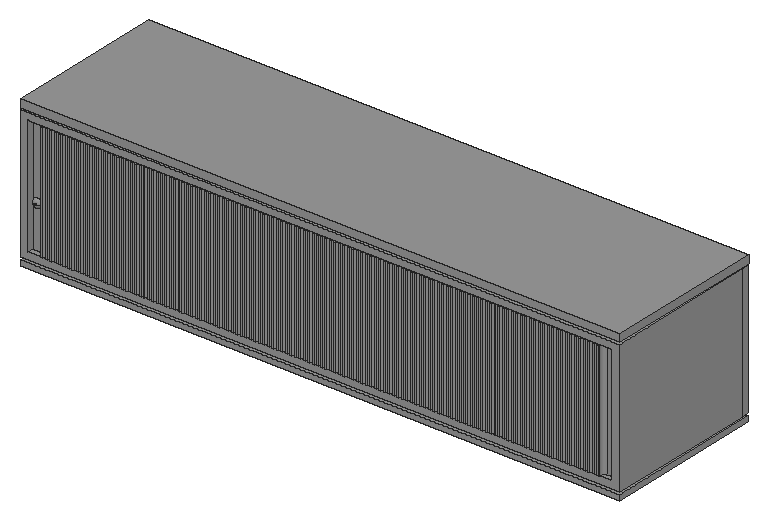
Revit family "Haworth_BeHold-Design_TambourDoorCabinet_TopElement_EU_PRELIMINARY", category Furniture Systems, Revit 2019
Family settings
  Round Connector Dimension = Use Diameter
  Part Type = Normal
  OmniClass Number = 23.40.70.14.64.21
  OmniClass Title = Systems Furniture
  Work Plane-Based = No
  Always vertical = Yes
  Cut with Voids When Loaded = No
  Shared = No
  Room Calculation Point = No
Parameters (values of type "160w 1BH")
  with Cover Plate [instance] = yes
  Width = 160 cm
  Warranty = "http://www.haworth.com/resources/product-info/warranties"
  URL - Product = "https://www.haworth.com/eu/en/products/office-drawers/be-hold.html"
  URL = "https://www.haworth.com/eu/en.html"
  Trim Finish = Haworth _ Polymer _ Undecided
  Top Finish [instance] = Haworth _ Laminate _ Undecided _ Storage
  Size = "Verify Final Dim. w/ Haworth"  # constant formula
  Revision Number = "1"  # constant formula
  Recessed Handle Thickness Right = -0.2 cm  # constant formula
  Recessed Handle Thickness Left = 1.8 cm  # constant formula
  Pull Height = 10 cm  # constant formula
  Pull Finish = Haworth _ Polymer _ Undecided
  Mounting Height [instance] = 40 cm
  Model = "ESDTDAE"  # constant formula
  Min. Width = 80 cm  # constant formula
  Min. Height = 39.2 cm  # constant formula
  Max. Width = 160 cm  # constant formula
  Max. Height = 150.8 cm  # constant formula
  Manufacturer = "Haworth"  # constant formula
  Lock Offset Side = Actual Width / 2 - 7 cm  # 73 cm
  Lock Offset Length = Actual Height / 2  # 19.6 cm
  Height = 39.2 cm
  Glide Finish = Haworth _ Polymer _ Undecided
  Front Finish [instance] = Haworth _ Laminate _ Undecided _ Storage
  Door Width = Actual Width / 2 - 2 cm  # 78 cm
  Door Height = Actual Height - 8 cm  # 31.2 cm
  Description = "Haworth - BeHold Design - Tambour Door Cabinet - Top Element"  # constant formula
  Custom Size = not(or(Width = 91.44 cm, Width = 106.68 cm, Width = 121.92 cm, Width = 137.16 cm, Width = 152.4 cm, Width = 167.64 cm, Width = 182.88 cm))  # yes
  Cabinet Finish [instance] = Haworth _ Laminate _ Undecided _ Storage
  Back Finish [instance] = Haworth _ Laminate _ Undecided _ Storage
  Author = "Haworth (Abd Rahman)"  # constant formula
  Assembly Code = "E2020200"
  Actual Width = if(Width < Min. Width, Min. Width, if(Width > Max. Width, Max. Width, Width))  # 160 cm
  Actual Height = if(Height < Min. Height, Min. Height, if(Height > Max. Height, Max. Height, Height))  # 39.2 cm
  Actual Depth = 43 cm  # constant formula
  4BH = Actual Height = 150.8 cm  # no
  3BH = Actual Height = 113.6 cm  # no
  2BH = Actual Height = 76.4 cm  # no
  1BH = Actual Height = 39.2 cm  # yes
Types (6, lengths in cm): name | Width | Lock Offset Side | Lock Offset Length | Height | Door Width | Door Height | Actual Width | Actual Height | 4BH | 3BH | 2BH | 1BH
  80w 1BH | 80 | 33 | 19.6 | 39.2 | 38 | 31.2 | 80 | 39.2 | no | no | no | yes
  90w 2BH | 90 | 38 | 38.2 | 76.4 | 43 | 68.4 | 90 | 76.4 | no | no | yes | no
  100w 3BH | 100 | 43 | 56.8 | 113.6 | 48 | 105.6 | 100 | 113.6 | no | yes | no | no
  120w 4BH | 120 | 53 | 75.4 | 150.8 | 58 | 142.8 | 120 | 150.8 | yes | no | no | no
  140w 3BH | 140 | 63 | 56.8 | 113.6 | 68 | 105.6 | 140 | 113.6 | no | yes | no | no
  160w 1BH | 160 | 73 | 19.6 | 39.2 | 78 | 31.2 | 160 | 39.2 | no | no | no | yes
Reference planes (cm)
  plane 1: z = 40
  plane 2 "Center L/R": x = -15.6859
  plane 3 "Center F/B": y = -29.21
  plane 4 "Top": z = 79.2
  plane 5 "Back": y = -7.71
  plane 6 "Front": y = -50.71
  plane 7 "Right": x = 64.3141
  plane 8 "Left": x = -95.6859
  plane 9: z = 77.3816
  plane 10: x = 62.3141
  plane 11: x = -93.6859
  plane 12: z = 41.8184
  plane 13: y = -48.71
  plane 14: z = 79.7
  plane 15: y = -9.71
  plane 16: z = 43.8184
  plane 17: z = 45.8184
  plane 18: z = 43.3184
  plane 19: y = -44.4342
  plane 20: x = 54.5804
  plane 21: y = -42.4342
  plane 22: y = -13.9858
  plane 23: y = -15.9858
  plane 24: x = -85.9522
  plane 25: y = -44.74
  plane 26: y = -43.3236
  plane 27: y = -13.68
  plane 28: y = -15.0964
  plane 29: y = -47.5975
  plane 30: x = -93.4859
  plane 31: x = -91.2214
  plane 32: x = -91.0214
  plane 33: y = -47.3975
Forms (cm)
  Extrusion 1, solid, material "Haworth _ Laminate _ Undecided _ Storage" <- "Cabinet Finish"
    sketch origin (0, -29.21, 0) x (1, 0, 0) y (0, 0, 1)
      loop
        line (-95.6859, 79.2) -> (-95.6859, 43.8184) -> (64.3141, 43.8184) -> (64.3141, 79.2) -> (-95.6859, 79.2)
      loop
        line (-93.6859, 77.3816) -> (-93.6859, 45.8184) -> (62.3141, 45.8184) -> (62.3141, 77.3816) -> (-93.6859, 77.3816)
    from -19.5 to 21.5
  Extrusion 2, solid, material "Haworth _ Laminate _ Undecided _ Storage" <- "Cabinet Finish"
    sketch origin (0, -29.21, 0) x (1, 0, 0) y (0, 0, 1)
      loop
        line (-95.6859, 43.3184) -> (-95.6859, 41.8184) -> (64.3141, 41.8184) -> (64.3141, 43.3184) -> (-95.6859, 43.3184)
    from -21.5 to 21.5
  Extrusion 3, solid, material "Haworth _ Polymer _ Undecided" <- "Glide Finish"
    sketch origin (0, 0, 0) x (1, 0, 0) y (0, 1, 0)
      loop
        arc (53.0804, -42.4342) -> (54.5804, -46.9342) -> (56.0804, -42.4342) r 2.5
        line (56.0804, -42.4342) -> (53.0804, -42.4342)
      loop
        line (53.0804, -15.9858) -> (56.0804, -15.9858)
        arc (56.0804, -15.9858) -> (54.5804, -11.4858) -> (53.0804, -15.9858) r 2.5
      loop
        line (-84.4522, -42.4342) -> (-87.4522, -42.4342)
        arc (-87.4522, -42.4342) -> (-85.9522, -46.9342) -> (-84.4522, -42.4342) r 2.5
      loop
        arc (-84.4522, -15.9858) -> (-85.9522, -11.4858) -> (-87.4522, -15.9858) r 2.5
        line (-87.4522, -15.9858) -> (-84.4522, -15.9858)
    from 40 to 41.8184
  Extrusion 4, solid, material "Haworth _ Laminate _ Undecided _ Storage" <- "Back Finish"
    sketch origin (0, -29.21, 0) x (1, 0, 0) y (0, 0, 1)
      loop
        line (64.3141, 79.2) -> (-95.6859, 79.2) -> (-95.6859, 43.8184) -> (64.3141, 43.8184) -> (64.3141, 79.2)
    from -21.5 to -19.5
  Extrusion 5, solid, material "Haworth _ Polymer _ Undecided" <- "Glide Finish"
    sketch origin (0, 0, 0) x (1, 0, 0) y (0, 1, 0)
      loop
        line (-93.6859, -44.74) -> (62.3141, -44.74) -> (62.3141, -43.3236) -> (-93.6859, -43.3236) -> (-93.6859, -44.74)
      loop
        line (-93.6859, -13.68) -> (-93.6859, -15.0964) -> (62.3141, -15.0964) -> (62.3141, -13.68) -> (-93.6859, -13.68)
    from 43.3184 to 43.8184
  Extrusion 6, solid, material "Haworth _ Polymer _ Undecided" <- "Pull Finish"
    sketch origin (0, 0, 0) x (1, 0, 0) y (0, 1, 0)
      loop
        line (-93.4859, -48.71) -> (-93.4859, -47.5975) -> (-91.2214, -47.5975) -> (-91.2214, -48.71) -> (-91.0214, -48.71) -> (-91.0214, -47.3975) -> (-93.6859, -47.3975) -> (-93.6859, -48.71) -> (-93.4859, -48.71)
    from 45.8184 to 77.3816
Lines and regions (cm)
  Masking region 1
    outline origin (0, 0, 0) x (1, 0, 0) y (0, 1, 0)
      loop
        line (-95.6859, -7.71) -> (-95.6859, -50.71) -> (64.3141, -50.71) -> (64.3141, -7.71) -> (-95.6859, -7.71)
Dimensions and locks (cm)
  equal spacing: plane 8 "Left", plane 2 "Center L/R", plane 7 "Right"
  "Actual Width": plane 8 "Left" to plane 7 "Right"
  equal spacing: plane 5 "Back", plane 3 "Center F/B", plane 6 "Front"
  "Actual Depth": plane 5 "Back" to plane 6 "Front"
  locked: plane 10 to plane 7 "Right" at 2
  locked: plane 8 "Left" to plane 11 at 2
  locked: plane 4 "Top" to plane 9 at 1.8184
  locked: plane 12 to plane 1 at 1.8184
  "Actual Height": plane 4 "Top" to plane 1
  "Mounting Height": plane 1 to level
  locked: plane 6 "Front" to plane 13 at 2
  locked: plane 14 to plane 4 "Top" at 0.5
  locked: plane 15 to plane 5 "Back" at 2
  locked: plane 16 to plane 12 at 2
  locked: plane 17 to plane 16 at 2
  locked: plane 16 to plane 18 at 0.5
  plane 21 to plane 19 to plane 6 "Front" = 2 cm locked, 6.2758 cm locked
  locked: plane 20 to plane 7 "Right" at 9.7337
  locked: plane 23 to plane 22 at 2
  locked: plane 22 to plane 5 "Back" at 6.2758
  locked: plane 8 "Left" to plane 24 at 9.7337
  plane 6 "Front" to plane 25 to plane 26 = 5.97 cm locked, 1.4164 cm locked
  locked: plane 27 to plane 28 at 1.4164
  locked: plane 5 "Back" to plane 27 at 5.97
  plane 8 "Left" to plane 30 to plane 31 to plane 32 = 2.2 cm locked, 2.2645 cm locked, 0.2 cm locked
  plane 6 "Front" to plane 29 to plane 33 = 3.1125 cm locked, 0.2 cm locked
  radius of Extrusion 3 sketch curve = 2.5 cm  (x4)
  aligned and locked: plane 7 "Right" to Masking region 1
  aligned and locked: plane 5 "Back" to Masking region 1
  aligned and locked: Masking region 1 to plane 6 "Front"
  aligned and locked: Masking region 1 to plane 8 "Left"
  aligned and locked: plane 6 "Front" to nested 1
  aligned and locked: plane 3 "Center F/B" to nested 2
  aligned and locked: plane 2 "Center L/R" to nested 2
  aligned and locked: nested 2 to plane 14
  aligned and locked: plane 8 "Left" to Extrusion 1 sketch curve
  aligned and locked: Extrusion 1 sketch curve to plane 7 "Right"
  aligned and locked: Extrusion 1 sketch curve to plane 4 "Top"
  aligned and locked: plane 10 to Extrusion 1 sketch curve
  aligned and locked: Extrusion 1 sketch curve to plane 9
  aligned and locked: Extrusion 1 sketch curve to plane 11
  aligned and locked: Extrusion 1 to plane 16
  aligned and locked: Extrusion 2 sketch curve to plane 7 "Right"
  aligned and locked: plane 8 "Left" to Extrusion 2 sketch curve
  aligned and locked: Extrusion 2 to plane 12
  aligned and locked: plane 5 "Back" to Extrusion 2
  aligned and locked: Extrusion 2 to plane 6 "Front"
  aligned and locked: plane 19 to Extrusion 3 sketch curve  (x2)
  aligned and locked: plane 20 to Extrusion 3 sketch curve  (x2)
  aligned and locked: plane 22 to Extrusion 3 sketch curve
  aligned and locked: plane 24 to Extrusion 3 sketch curve  (x2)
  aligned and locked: plane 23 to Extrusion 3 sketch curve  (x2)
  aligned and locked: Extrusion 3 sketch curve to plane 22
  aligned and locked: plane 21 to Extrusion 3 sketch curve
  aligned and locked: Extrusion 3 sketch curve to plane 21
  aligned and locked: Extrusion 3 to plane 1
  aligned and locked: plane 12 to Extrusion 3
  aligned and locked: Extrusion 1 to plane 15
  aligned and locked: Extrusion 4 sketch curve to plane 7 "Right"
  aligned and locked: plane 8 "Left" to Extrusion 4 sketch curve
  aligned and locked: Extrusion 4 sketch curve to plane 16
  aligned and locked: Extrusion 4 sketch curve to plane 4 "Top"
  aligned and locked: plane 5 "Back" to Extrusion 4
  aligned and locked: plane 15 to Extrusion 4
  aligned and locked: Extrusion 5 sketch curve to plane 26
  aligned and locked: Extrusion 5 sketch curve to plane 25
  aligned and locked: Extrusion 5 sketch curve to plane 27
  aligned and locked: Extrusion 5 sketch curve to plane 28
  aligned and locked: Extrusion 5 to plane 18
  aligned and locked: plane 16 to Extrusion 5
  aligned and locked: plane 10 to Extrusion 5 sketch curve
  aligned and locked: Extrusion 5 sketch curve to plane 10
  aligned and locked: Extrusion 5 sketch curve to plane 11
  aligned and locked: plane 11 to Extrusion 5 sketch curve
  aligned and locked: Extrusion 6 sketch curve to plane 30
  aligned and locked: Extrusion 6 sketch curve to plane 29
  aligned and locked: plane 31 to Extrusion 6 sketch curve
  aligned and locked: plane 32 to Extrusion 6 sketch curve
  aligned and locked: Extrusion 6 sketch curve to plane 11
  aligned and locked: Extrusion 6 to plane 17
  aligned and locked: plane 13 to Extrusion 6 sketch curve
  aligned and locked: Extrusion 6 sketch curve to plane 13
  aligned and locked: Extrusion 6 sketch curve to plane 33
  aligned and locked: plane 9 to Extrusion 6
  aligned and locked: Extrusion 1 to plane 6 "Front"
  aligned and locked: plane 17 to nested 1
  aligned and locked: nested 1 to plane 11
  aligned and locked: nested 3 to plane 10
  aligned and locked: nested 3 to plane 17
  aligned and locked: nested 3 to plane 6 "Front"
Automatic sketch dimensions
  Masking region 1 sketch curve to plane 6 "Front" = 0 cm
  Masking region 1 sketch curve to plane 8 "Left" = 0 cm
  Masking region 1 sketch curve to plane 7 "Right" = 0 cm
  Masking region 1 sketch curve to plane 5 "Back" = 0 cm
  Extrusion 1 sketch curve to plane 16 = 0 cm
  Extrusion 1 sketch curve to plane 17 = 0 cm
  Extrusion 2 sketch curve to plane 12 = 0 cm
  Extrusion 2 sketch curve to plane 18 = 0 cm
Nested families (cm)
  nested 1: "Haworth_MSeries_Door_Tambour-PART" at (-54.6859, -47.8217, 45.8184), type "Haworth_Drawer"
    with Lock Offset Top 19.6 cm, Drawer Height 31.2 cm
  nested 2: "Haworth_BeHold_CoverPlate_Top-PART" at (0, 0, -170.3), visible <- "with Cover Plate", Top Finish <- "Top Finish", type "Cover Plate"
    with Top Finish Haworth _ Laminate _ Undecided _ Storage, Actual Width 160 cm, Actual Mounting Height 250 cm, Actual Depth 43 cm
  nested 3: "Haworth_MSeries_Door_Tambour-PART" at (23.3141, -47.8217, 45.8184) x (-1, 0, 0) z (0, 0, 1), type "Haworth_Drawer"
    with With Lock no, Lock Offset Top 19.6 cm, Drawer Height 31.2 cm
Definition of nested family "Haworth_MSeries_Door_Tambour-PART"
  Parameters (values of type "Haworth_Drawer")
    With Lock [instance] = yes
    Warranty = "http://www.haworth.com/resources/product-info/warranties"
    URL - Product = ""
    URL = "www.haworth.com"
    Trim Finish = none
    Revision Number = "1"  # constant formula
    Pull Finish = none
    Note = "Verify Final Dim. w/ Haworth"  # constant formula
    Model = "Haworth Be_Hold"  # constant formula
    Manufacturer = "Haworth"  # constant formula
    Lock Offset Top = 58.15 cm
    Lock Offset Side = 1.5 cm  # constant formula
    Front Recess = no
    Front Finish = none
    Front Edge Finish = none
    Drawer Width = 78 cm
    Drawer Height = 116.3 cm
    Description = "Haworth - Be_Hold - Drawer"
    Author = "Haworth (Alias)"  # constant formula
    Assembly Code = ""
  Reference planes (cm)
    plane 1 "Drawer Back": y = -0.6658
    plane 2: z = 0
    plane 3 "Center L/R": x = 0
    plane 4 "Drawer Front": y = -2.8883
    plane 5 "Left": x = -39
    plane 6 "Right": x = 39
    plane 7 "Top": z = 116.3
    plane 8 "Hardware Start": y = -0.9833
    plane 9 "Lock Horizontal": z = 58.15
    plane 10 "2": z = 60.3725
    plane 11: y = -1.7771
    plane 12 "3": x = -37.5
  Forms (cm)
    Revolve 1, solid, material <- "Trim Finish", visible <- "With Lock"
      sketch origin (0, -0.0625, 58.15) x (1, 0, 0) y (0, -1, 0)
        loop
          line (-37.5, 1.3018) -> (-37.5, 2.0159) -> (-37.8973, 2.0159)
          arc (-37.8973, 2.0159) -> (-38.4022, 1.8067) -> (-38.6113, 1.3018) r 0.714
          line (-38.6113, 1.3018) -> (-37.5, 1.3018)
        axis (-37.5, 1.3018) -> (-37.5, 2.0159)
      angle from 0 to 360
  Lines and regions (cm)
    Masking region 1
      outline origin (0, 0, 58.15) x (-1, 0, 0) y (0, -1, 0)
        loop
          line (39, 0.9833) -> (39, 2.8883) -> (-39, 2.8883) -> (-39, 0.9833) -> (39, 0.9833)
  Dimensions and locks (cm)
    equal spacing: plane 5 "Left", plane 3 "Center L/R", plane 6 "Right"
    "Drawer Width": plane 5 "Left" to plane 6 "Right"
    "Drawer Height": plane 7 "Top" to level
    locked: plane 1 "Drawer Back" to plane 8 "Hardware Start" at 0.3175
    plane 4 "Drawer Front" to plane 1 "Drawer Back" = 2.2225 cm
    plane 4 "Drawer Front" to plane 8 "Hardware Start" = 1.905 cm
    "Lock Offset Top": plane 7 "Top" to plane 9 "Lock Horizontal"
    locked: plane 10 "2" to plane 9 "Lock Horizontal" at 2.2225
    equal spacing: plane 4 "Drawer Front", plane 11, plane 1 "Drawer Back"
    "Lock Offset Side": plane 12 "3" to plane 5 "Left"
    aligned and locked: plane 6 "Right" to Masking region 1 sketch curve
    aligned and locked: Masking region 1 sketch curve to plane 8 "Hardware Start"
    aligned and locked: plane 4 "Drawer Front" to Masking region 1 sketch curve
    aligned and locked: plane 5 "Left" to Masking region 1 sketch curve
    aligned and locked: nested 1 to plane 7 "Top"
    aligned and locked: plane 3 "Center L/R" to nested 1
    aligned and locked: plane 4 "Drawer Front" to nested 1
  Automatic sketch dimensions
    Revolve 1 sketch curve to plane 4 "Drawer Front" = 1.524 cm
    Revolve 1 sketch curve to plane 12 "3" = 0 cm  (x2)
    Revolve 1 sketch curve to plane 4 "Drawer Front" = 0.81 cm
    Revolve 1 sketch curve to Revolve 1 sketch curve = 0.3973 cm
    Revolve 1 sketch curve to plane 11 = 0.2252 cm
    Revolve 1 sketch curve to Revolve 1 sketch curve = 2.244 cm
  Nested families (cm)
    nested 1: "Haworth_MSeries_Tambour-Door-Panel_Swing" at (2.9977, -1.859, 0) x (-1, 0, 0) z (0, 0, 1), type "Door"
      with Finger Pull Location 116.935 cm, Door Width 78 cm, Door Height 116.3 cm
  Definition of nested family "Haworth_MSeries_Tambour-Door-Panel_Swing"
    Parameters (values of type "Door")
      with Lock [instance] = yes
      URL = "www.haworth.com"
      Revision Number = "1"  # constant formula
      Revision Date = ""
      Pull Offset = 3.81 cm
      Lock Offset Top = 4.207 cm  # constant formula
      Lock Offset Side = 3.4925 cm  # constant formula
      Linear Pull = no
      Finger Pull Location = if(Finger Pull, Door Height + 0.635 cm, 0.381 cm)  # 50.635 cm
      Finger Pull = yes
      Door Pull Location = 2.54 cm
      Door Pull Length = 20.32 cm
      Door Pull Finish = none
      Bar Pull = no
      Classic Pull = no
      Assembly Code = ""
      Pull Offset Centerline = 7.62 cm
      Pull Height Centerline = 15.24 cm
      Door Width = 90 cm
      Door Height = 50 cm
      Door Finish = none
      Door Depth = 1.905 cm
      Manufacturer = "Haworth"  # constant formula
      Author = "SHAPE Environments, LLC"  # constant formula
    Reference planes (cm)
      plane 1 "Center F/B": y = -0.0768
      plane 2: z = 0
      plane 3 "Center L/R": x = 2.9977
      plane 4 "Left": x = -42.0023
      plane 5 "Right": x = 47.9977
      plane 6 "Back": y = 0.8757
      plane 7 "Front": y = -1.0293
      plane 8 "Top": z = 50
      plane 9 "Pull Offset": x = 40.3777
      plane 10 "Pull Height": z = 15.24
      plane 11 "Finger Pull Top": z = 50
      plane 12 "Finger Pull Bottom": z = -0.635
      plane 13: z = 45.793
      plane 14 "Lock": x = -38.5098
    Forms (cm)
      Extrusion 1, solid, material <- "Door Finish"
        sketch origin (0, -0.0768, 0) x (1, 0, 0) y (0, 0, 1)
          loop
            line (-42.0023, 50) -> (-42.0023, 0) -> (47.9977, 0) -> (47.9977, 50) -> (-42.0023, 50)
        from -0.9525 to 0.9525
      Extrusion 2, void
        sketch origin (5.9954, 0, 0) x (-1, 0, 0) y (0, -1, 0)
          loop
            line (-42.0023, 1.0293) -> (-42.0023, -0.4947) -> (-39.4623, -0.4947)
            arc (-39.4623, -0.4947) -> (-38.5612, 0.4064) -> (-39.4623, 1.3075) r 0.9011
            line (-39.4623, 1.3075) -> (-40.4767, 1.3075)
            arc (-40.4767, 1.3075) -> (-40.3376, 1.1684) -> (-40.4767, 1.0293) r 0.1391
            line (-40.4767, 1.0293) -> (-42.0023, 1.0293)
        from -0.635 to 50
      Extrusion 3, void
        sketch origin (0, 0, 0) x (1, 0, 0) y (0, 1, 0)
          loop
            line (-30.1193, -0.7092) -> (-30.4394, -1.0293) -> (-29.7992, -1.0293) -> (-30.1193, -0.7092)
          loop
            line (-28.9189, -0.7092) -> (-29.239, -1.0293) -> (-28.5988, -1.0293) -> (-28.9189, -0.7092)
          loop
            line (-27.7189, -0.7092) -> (-28.039, -1.0293) -> (-27.3988, -1.0293) -> (-27.7189, -0.7092)
          loop
            line (-26.519, -0.7092) -> (-26.8391, -1.0293) -> (-26.1989, -1.0293) -> (-26.519, -0.7092)
          loop
            line (-25.3186, -0.7092) -> (-25.6387, -1.0293) -> (-24.9985, -1.0293) -> (-25.3186, -0.7092)
          loop
            line (-24.1187, -0.7092) -> (-24.4388, -1.0293) -> (-23.7986, -1.0293) -> (-24.1187, -0.7092)
          loop
            line (-22.9192, -0.7092) -> (-23.2393, -1.0293) -> (-22.5991, -1.0293) -> (-22.9192, -0.7092)
          loop
            line (-21.7188, -0.7092) -> (-22.0389, -1.0293) -> (-21.3987, -1.0293) -> (-21.7188, -0.7092)
          loop
            line (-20.5189, -0.7092) -> (-20.839, -1.0293) -> (-20.1988, -1.0293) -> (-20.5189, -0.7092)
          loop
            line (-19.319, -0.7092) -> (-19.6391, -1.0293) -> (-18.9989, -1.0293) -> (-19.319, -0.7092)
          loop
            line (-18.1186, -0.7092) -> (-18.4387, -1.0293) -> (-17.7985, -1.0293) -> (-18.1186, -0.7092)
          loop
            line (-16.9187, -0.7092) -> (-17.2388, -1.0293) -> (-16.5986, -1.0293) -> (-16.9187, -0.7092)
          loop
            line (-15.7187, -0.7092) -> (-16.0388, -1.0293) -> (-15.3986, -1.0293) -> (-15.7187, -0.7092)
          loop
            line (-14.5184, -0.7092) -> (-14.8384, -1.0293) -> (-14.1983, -1.0293) -> (-14.5184, -0.7092)
          loop
            line (-13.3184, -0.7092) -> (-13.6385, -1.0293) -> (-12.9983, -1.0293) -> (-13.3184, -0.7092)
          loop
            line (-12.119, -0.7092) -> (-12.4391, -1.0293) -> (-11.7989, -1.0293) -> (-12.119, -0.7092)
          loop
            line (-10.9186, -0.7092) -> (-11.2387, -1.0293) -> (-10.5985, -1.0293) -> (-10.9186, -0.7092)
          loop
            line (-9.7186, -0.7092) -> (-10.0387, -1.0293) -> (-9.3985, -1.0293) -> (-9.7186, -0.7092)
          loop
            line (-8.5192, -0.7092) -> (-8.8393, -1.0293) -> (-8.1991, -1.0293) -> (-8.5192, -0.7092)
          loop
            line (-7.3188, -0.7092) -> (-7.6389, -1.0293) -> (-6.9987, -1.0293) -> (-7.3188, -0.7092)
          loop
            line (-6.1189, -0.7092) -> (-6.439, -1.0293) -> (-5.7988, -1.0293) -> (-6.1189, -0.7092)
          loop
            line (-4.9189, -0.7092) -> (-5.239, -1.0293) -> (-4.5988, -1.0293) -> (-4.9189, -0.7092)
          loop
            line (-3.7185, -0.7092) -> (-4.0386, -1.0293) -> (-3.3984, -1.0293) -> (-3.7185, -0.7092)
          loop
            line (-2.5186, -0.7092) -> (-2.8387, -1.0293) -> (-2.1985, -1.0293) -> (-2.5186, -0.7092)
          loop
            line (-1.3192, -0.7092) -> (-1.6393, -1.0293) -> (-0.9991, -1.0293) -> (-1.3192, -0.7092)
          loop
            line (-0.1188, -0.7092) -> (-0.4389, -1.0293) -> (0.2013, -1.0293) -> (-0.1188, -0.7092)
          loop
            line (1.0812, -0.7092) -> (0.7611, -1.0293) -> (1.4013, -1.0293) -> (1.0812, -0.7092)
          loop
            line (41.2368, -0.7092) -> (40.9168, -1.0293) -> (41.5569, -1.0293) -> (41.2368, -0.7092)
          loop
            line (40.0369, -0.7092) -> (39.7168, -1.0293) -> (40.357, -1.0293) -> (40.0369, -0.7092)
          loop
            line (38.837, -0.7092) -> (38.5169, -1.0293) -> (39.1571, -1.0293) -> (38.837, -0.7092)
          loop
            line (37.6366, -0.7092) -> (37.3165, -1.0293) -> (37.9567, -1.0293) -> (37.6366, -0.7092)
          loop
            line (36.4367, -0.7092) -> (36.1166, -1.0293) -> (36.7568, -1.0293) -> (36.4367, -0.7092)
          loop
            line (35.2372, -0.7092) -> (34.9171, -1.0293) -> (35.5573, -1.0293) -> (35.2372, -0.7092)
          loop
            line (34.0368, -0.7092) -> (33.7167, -1.0293) -> (34.3569, -1.0293) -> (34.0368, -0.7092)
          loop
            line (32.8369, -0.7092) -> (32.5168, -1.0293) -> (33.157, -1.0293) -> (32.8369, -0.7092)
          loop
            line (31.637, -0.7092) -> (31.3169, -1.0293) -> (31.9571, -1.0293) -> (31.637, -0.7092)
          loop
            line (30.4366, -0.7092) -> (30.1165, -1.0293) -> (30.7567, -1.0293) -> (30.4366, -0.7092)
          loop
            line (29.2367, -0.7092) -> (28.9166, -1.0293) -> (29.5567, -1.0293) -> (29.2367, -0.7092)
          loop
            line (28.0367, -0.7092) -> (27.7166, -1.0293) -> (28.3568, -1.0293) -> (28.0367, -0.7092)
          loop
            line (26.8363, -0.7092) -> (26.5162, -1.0293) -> (27.1564, -1.0293) -> (26.8363, -0.7092)
          loop
            line (25.6364, -0.7092) -> (25.3163, -1.0293) -> (25.9565, -1.0293) -> (25.6364, -0.7092)
          loop
            line (24.4369, -0.7092) -> (24.1168, -1.0293) -> (24.757, -1.0293) -> (24.4369, -0.7092)
          loop
            line (23.2366, -0.7092) -> (22.9165, -1.0293) -> (23.5566, -1.0293) -> (23.2366, -0.7092)
          loop
            line (22.0366, -0.7092) -> (21.7165, -1.0293) -> (22.3567, -1.0293) -> (22.0366, -0.7092)
          loop
            line (20.8372, -0.7092) -> (20.5171, -1.0293) -> (21.1573, -1.0293) -> (20.8372, -0.7092)
          loop
            line (19.6368, -0.7092) -> (19.3167, -1.0293) -> (19.9569, -1.0293) -> (19.6368, -0.7092)
          loop
            line (18.4368, -0.7092) -> (18.1167, -1.0293) -> (18.7569, -1.0293) -> (18.4368, -0.7092)
          loop
            line (17.2369, -0.7092) -> (16.9168, -1.0293) -> (17.557, -1.0293) -> (17.2369, -0.7092)
          loop
            line (16.0365, -0.7092) -> (15.7164, -1.0293) -> (16.3566, -1.0293) -> (16.0365, -0.7092)
          loop
            line (14.8366, -0.7092) -> (14.5165, -1.0293) -> (15.1567, -1.0293) -> (14.8366, -0.7092)
          loop
            line (13.6371, -0.7092) -> (13.317, -1.0293) -> (13.9572, -1.0293) -> (13.6371, -0.7092)
          loop
            line (12.4367, -0.7092) -> (12.1167, -1.0293) -> (12.7568, -1.0293) -> (12.4367, -0.7092)
          loop
            line (11.2368, -0.7092) -> (10.9167, -1.0293) -> (11.5569, -1.0293) -> (11.2368, -0.7092)
          loop
            line (2.1064, -0.7092) -> (1.7863, -1.0293) -> (2.4265, -1.0293) -> (2.1064, -0.7092)
          loop
            line (3.3058, -0.7092) -> (2.9857, -1.0293) -> (3.6259, -1.0293) -> (3.3058, -0.7092)
          loop
            line (4.5062, -0.7092) -> (4.1861, -1.0293) -> (4.8263, -1.0293) -> (4.5062, -0.7092)
          loop
            line (5.7062, -0.7092) -> (5.3861, -1.0293) -> (6.0263, -1.0293) -> (5.7062, -0.7092)
          loop
            line (10.3366, -0.7092) -> (10.0165, -1.0293) -> (10.6567, -1.0293) -> (10.3366, -0.7092)
          loop
            line (9.1371, -0.7092) -> (8.817, -1.0293) -> (9.4572, -1.0293) -> (9.1371, -0.7092)
          loop
            line (7.9367, -0.7092) -> (7.6167, -1.0293) -> (8.2568, -1.0293) -> (7.9367, -0.7092)
          loop
            line (6.7368, -0.7092) -> (6.4167, -1.0293) -> (7.0569, -1.0293) -> (6.7368, -0.7092)
          loop
            line (-40.9195, -0.7092) -> (-41.2396, -1.0293) -> (-40.5994, -1.0293) -> (-40.9195, -0.7092)
          loop
            line (-39.7196, -0.7092) -> (-40.0397, -1.0293) -> (-39.3995, -1.0293) -> (-39.7196, -0.7092)
          loop
            line (-38.5201, -0.7092) -> (-38.8402, -1.0293) -> (-38.2, -1.0293) -> (-38.5201, -0.7092)
          loop
            line (-37.3198, -0.7092) -> (-37.6398, -1.0293) -> (-36.9997, -1.0293) -> (-37.3198, -0.7092)
          loop
            line (-36.1198, -0.7092) -> (-36.4399, -1.0293) -> (-35.7997, -1.0293) -> (-36.1198, -0.7092)
          loop
            line (-34.9199, -0.7092) -> (-35.24, -1.0293) -> (-34.5998, -1.0293) -> (-34.9199, -0.7092)
          loop
            line (-33.7195, -0.7092) -> (-34.0396, -1.0293) -> (-33.3994, -1.0293) -> (-33.7195, -0.7092)
          loop
            line (-32.5196, -0.7092) -> (-32.8397, -1.0293) -> (-32.1995, -1.0293) -> (-32.5196, -0.7092)
          loop
            line (-31.3197, -0.7092) -> (-31.6397, -1.0293) -> (-30.9996, -1.0293) -> (-31.3197, -0.7092)
          loop
            line (43.6372, -0.7092) -> (43.3171, -1.0293) -> (43.9573, -1.0293) -> (43.6372, -0.7092)
          loop
            line (42.4372, -0.7092) -> (42.1171, -1.0293) -> (42.7573, -1.0293) -> (42.4372, -0.7092)
        from -59.5764 to 281.7422
    Cuts and joins
      Extrusion 2, Extrusion 3 cuts Extrusion 1
    Lines and regions (cm)
      Masking region 1
        outline origin (0, 0, 0) x (1, 0, 0) y (0, 1, 0)
          loop
            line (-42.0023, 0.8757) -> (-42.0023, -1.0293) -> (47.9977, -1.0293) -> (47.9977, 0.8757) -> (-42.0023, 0.8757)
      model lines
        curve 1: line (40.3777, -1.0293, 0) -> (41.489, -1.0293, 0)
    Dimensions and locks (cm)
      "Door Height": plane 8 "Top" to level
      equal spacing: plane 6 "Back", plane 1 "Center F/B", plane 7 "Front"
      "Door Depth": plane 6 "Back" to plane 7 "Front"
      equal spacing: plane 4 "Left", plane 3 "Center L/R", plane 5 "Right"
      "Door Width": plane 4 "Left" to plane 5 "Right"
      "Pull Height Centerline": plane 10 "Pull Height" to level
      "Finger Pull Location": plane 11 "Finger Pull Top" to plane 12 "Finger Pull Bottom"
      locked: plane 2 to plane 12 "Finger Pull Bottom" at 0.635
      "Pull Offset Centerline": plane 5 "Right" to plane 9 "Pull Offset"
      "Lock Offset Side": plane 4 "Left" to plane 14 "Lock"
      "Lock Offset Top": plane 11 "Finger Pull Top" to plane 13
      aligned and locked: plane 4 "Left" to Extrusion 1 sketch curve
      aligned and locked: Extrusion 1 sketch curve to plane 5 "Right"
      aligned and locked: Extrusion 1 sketch curve to plane 8 "Top"
      aligned and locked: level to Extrusion 1 sketch curve
      aligned and locked: plane 6 "Back" to Extrusion 1
      aligned and locked: Extrusion 1 to plane 7 "Front"
      aligned and locked: plane 9 "Pull Offset" to nested 1
      aligned and locked: plane 10 "Pull Height" to nested 1
      aligned: nested 1 to plane 7 "Front"
      aligned and locked: Extrusion 1 to plane 4 "Left"
      aligned and locked: Extrusion 2 to plane 12 "Finger Pull Bottom"
      aligned and locked: plane 11 "Finger Pull Top" to Extrusion 2
      aligned and locked: nested 1 to plane 7 "Front"
    Automatic sketch dimensions
      curve 1 to plane 7 "Front" = 0 cm
      curve 1 to plane 9 "Pull Offset" = 0 cm
      curve 1 to curve 1 = 1.1113 cm
      Masking region 1 sketch curve to plane 4 "Left" = 0 cm
      Masking region 1 sketch curve to plane 5 "Right" = 0 cm
      Masking region 1 sketch curve to plane 7 "Front" = 0 cm
      Masking region 1 sketch curve to plane 6 "Back" = 0 cm
      Extrusion 2 sketch curve to plane 5 "Right" = 0 cm
      Extrusion 2 sketch curve to plane 7 "Front" = 0 cm
      plane 7 "Front" to Extrusion 2 sketch curve = 0.2782 cm
      plane 5 "Right" to Extrusion 2 sketch curve = 1.5256 cm
      plane 6 "Back" to Extrusion 2 sketch curve = 0.381 cm
      Extrusion 2 sketch curve to Extrusion 2 sketch curve = 1.0144 cm
      Extrusion 3 sketch curve to plane 7 "Front" = 0 cm  (x72)
      plane 4 "Left" to Extrusion 3 sketch curve = 0.7627 cm
      Extrusion 3 sketch curve to Extrusion 3 sketch curve = 0.3201 cm  (x77)
      Extrusion 3 sketch curve to Extrusion 3 sketch curve = 0.5597 cm  (x33)
      plane 14 "Lock" to Extrusion 3 sketch curve = 0.3305 cm
      plane 14 "Lock" to Extrusion 3 sketch curve = 0.0104 cm
      Extrusion 3 sketch curve to plane 14 "Lock" = 0.3097 cm
      Extrusion 3 sketch curve to Extrusion 3 sketch curve = 0.5602 cm  (x23)
      plane 7 "Front" to Extrusion 3 sketch curve = 0.3201 cm  (x62)
      Extrusion 3 sketch curve to Extrusion 3 sketch curve = 0.5593 cm  (x9)
      Extrusion 3 sketch curve to Extrusion 3 sketch curve = 0.385 cm
      Extrusion 3 sketch curve to plane 3 "Center L/R" = 0.012 cm
      plane 3 "Center L/R" to Extrusion 3 sketch curve = 0.3081 cm
      Extrusion 3 sketch curve to Extrusion 3 sketch curve = 0.3905 cm
      Extrusion 3 sketch curve to Extrusion 3 sketch curve = 0.26 cm
      Extrusion 3 sketch curve to plane 9 "Pull Offset" = 0.3408 cm
      Extrusion 3 sketch curve to plane 9 "Pull Offset" = 0.0207 cm
      plane 9 "Pull Offset" to Extrusion 3 sketch curve = 0.539 cm
    Nested families (cm)
      nested 1: "Haworth_Door-Pulls" at (43.6369, -0.9525, 15.24), type "Pull", detail levels medium+fine
Definition of nested family "Haworth_BeHold_CoverPlate_Top-PART"
  Parameters (values of type "Cover Plate")
    Warranty = "http://www.haworth.com/resources/product-info/warranties"
    URL - Product = "https://www.haworth.com/eu/en/products/office-drawers/be-hold.html"
    URL = "https://www.haworth.com/eu/en.html"
    Top Finish [instance] = none
    Thickness = 2 cm
    Size = "Verify Final Dim. w/ Haworth"  # constant formula
    Revision Number = "1"  # constant formula
    Model = "Haworth Be_Hold"  # constant formula
    Manufacturer = "Haworth"  # constant formula
    Description = "Haworth - BeHold - Cover Plate"  # constant formula
    Author = "Haworth (Abd Rahman)"  # constant formula
    Assembly Code = "E2020200"
    Actual Width = 150 cm
    Actual Mounting Height = 45 cm
    Actual Depth = 120 cm
  Reference planes (cm)
    plane 1: z = 0
    plane 2 "Center L/R": x = -15.6859
    plane 3 "Center F/B": y = -29.21
    plane 4 "Top of top": z = 47
    plane 5 "Back": y = 30.79
    plane 6 "Front": y = -89.21
    plane 7 "Left": x = -90.6859
    plane 8 "Right": x = 59.3141
    plane 9 "Bottom of top": z = 45
  Forms (cm)
    Extrusion 1, solid, material <- "Top Finish"
      sketch origin (0, 0, 0) x (1, 0, 0) y (0, 1, 0)
        loop
          line (-90.6859, 30.79) -> (-90.6859, -89.21) -> (59.3141, -89.21) -> (59.3141, 30.79) -> (-90.6859, 30.79)
      from 45 to 47
  Lines and regions (cm)
    Masking region 1
      outline origin (0, 0, 0) x (1, 0, 0) y (0, 1, 0)
        loop
          line (-90.6859, 30.79) -> (-90.6859, -89.21) -> (59.3141, -89.21) -> (59.3141, 30.79) -> (-90.6859, 30.79)
  Dimensions and locks (cm)
    equal spacing: plane 5 "Back", plane 3 "Center F/B", plane 6 "Front"
    "Actual Depth": plane 5 "Back" to plane 6 "Front"
    equal spacing: plane 7 "Left", plane 2 "Center L/R", plane 8 "Right"
    "Actual Width": plane 7 "Left" to plane 8 "Right"
    "Thickness": plane 4 "Top of top" to plane 9 "Bottom of top"
    "Actual Mounting Height": plane 9 "Bottom of top" to plane 1
    aligned and locked: plane 8 "Right" to Extrusion 1 sketch curve
    aligned and locked: plane 7 "Left" to Extrusion 1 sketch curve
    aligned and locked: plane 6 "Front" to Extrusion 1 sketch curve
    aligned and locked: Extrusion 1 sketch curve to plane 5 "Back"
    aligned and locked: plane 4 "Top of top" to Extrusion 1
    aligned and locked: Extrusion 1 to plane 9 "Bottom of top"
    aligned and locked: plane 8 "Right" to Masking region 1 sketch curve
    aligned and locked: Masking region 1 sketch curve to plane 5 "Back"
    aligned and locked: plane 7 "Left" to Masking region 1 sketch curve
    aligned and locked: plane 6 "Front" to Masking region 1 sketch curve
